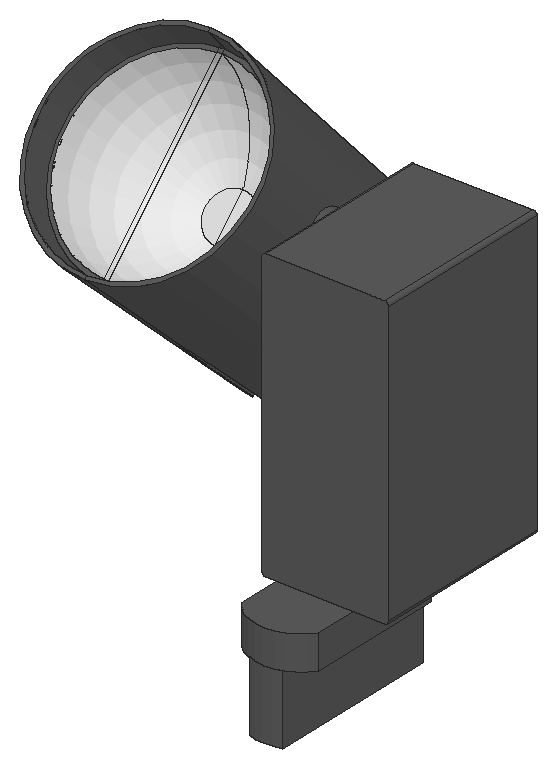
Revit family "0004837 Feilo Sylvania Lighting Fixture START TRACK SPOT S 14W 3K RA80 WB BLACK", category Lighting Fixtures, host Face, Revit 2017
Family settings
  Host = Face
  Round Connector Dimension = Use Diameter
  Part Type = Normal
  OmniClass Number = 23.80.70.00
  OmniClass Title = Lighting
  Cut with Voids When Loaded = No
  Light Source = No
  Shared = No
  Room Calculation Point = No
Parameters (values of type "0004837 START TRACK SPOT S 14W 3K RA80 WB BLACK")
  Weight = "0.94 kg"
  Wattage Comments = ""
  WarrantyStartDate [instance] = "n/a"
  WarrantyGuarantorParts = "n/a"
  WarrantyDurationUnit = "n/a"
  WarrantyDurationParts = "n/a"
  WarrantyDescription = "n/a"
  Voltage = 230 V
  URL = "http://www.sylvania-lighting.com"
  TypeName = "START TRACK SPOT S 14W 3K RA80 WB BLACK"
  TypeHead_FEILO = Start Track Spot Head : 0004837 START TRACK SPOT S 14W 3K RA80 WB BLACK
  TypeBox_FEILO = Start Track Spot Box : Type Small Black
  Type Image = <None>
  Type Comments = "n/a"
  VerticalRotation_FEILO [instance] = 0.00°
  SlideEndAngle_FEILO [instance] = VerticalRotation_FEILO + 180.00°  # 180.00°
  SerialNumber [instance] = "n/a"
  Material_3_FEILO = none
  PowerFactor = 0.92
  PowerConsumption = "14 W"
  NominalLength = 0 mm
  NominalHeight = 200 mm
  NominalDepth = 140 mm
  Name = "START TRACK SPOT S 14W 3K RA80 WB BLACK"
  ModelReference = Name  # "START TRACK SPOT S 14W 3K RA80 WB BLACK"
  ModelNumber = "0004837"
  Model = Name  # "START TRACK SPOT S 14W 3K RA80 WB BLACK"
  Material = "adc12 aluminium housing, polycarbonate diffuser"
  ManufacturerName = "Feilo Sylvania"
  Manufacturer = "Feilo Sylvania"
  LuminousEfficacy = "107 lm/W"
  LuminaireType = ""
  LightOutputRatio = "100"
  LampsType = Lamp  # "LED"
  LampNominalLuminous = "1498 lm"
  LampMacAdamStep = "3"
  LampColourTemperature = "3000 K"
  LampColourRenderingIndex = "80"
  Lamp = "LED"
  Keynote = "16500"
  InstallationDate [instance] = "n/a"
  InputVoltage = "230-240V~"
  InputNominalFrequency = "50/60 Hz"
  IngressProtection = "IP20"
  ImpactProtectionIndex = "IK02"
  IfcExportType = "IfcLightFixtureType"
  IfcExportAs = "IfcLightFixtureType"
  HorizontalRotation_FEILO [instance] = 45.00°
  ExpectedLife = 50000
  ElectricShockClassification = "Class II"
  DurationUnit = "hours"
  DocumentationLiterature = "http://www.sylvania-lighting.com/product/en-int/products/0004837"
  DimmingControlOptions = "Non dimmable"
  Material_2_FEILO = none
  Description = "Integrated LED spotlight, Textured Black - RAL9005, compact and minimalist design, ideal for retail applications, die-cast aluminium body, passive cooling heatsink. Beam angle: 64°, color temperature: 3000K , total system power: 14W, total fixture output: 1498 lm, LOR: 100%, colour rendering: Ra: 80 typical, LED Chromaticity: 3 step MacAdam ellipse, lifetime: >50000 hours at L70B50, energy class: A++, A+, A, IR/UV free light source without heat radiation, operating voltage: 220-240V / 50-60Hz, drive current: 350mA, electronic driver, non-dimmable, power factor: 0.92, electrical protection: Class II, Global Track 3 Phase adapter suitable for Global trac 3-circuit tracks, ingress protection rating: IP20, suitable for internal environment only, horizontal rotation: 355°, vertical tilt: 90°, dimensions: Ø86x140x200, weight: 0.940kg."
  Default Elevation = 1219.2 mm
  CreatedOn = "12/12/2017"
  CreatedBy = ""
  Cost = 0
  built-in parameter 1114216 [instance] = (empty or 0)
  ClassificationValue = "EF_70_80"
  ClassificationName = "Uniclass2015"
  Material_1_FEILO = Body-Sylvania-StartTrackSpot-Black
  BarCode [instance] = "n/a"
  AssetType = "Fixed"
  AssetIdentifier [instance] = "n/a"
  Assembly Code = "D5020200"
  Apparent Load = 14 VA
  Material_4_FEILO = none
Reference planes
  plane 1 "Center (Front/Back)": y = 0
  plane 2: z = 0
  plane 3 "Center (Left/Right)": x = 0
  plane 4: x = 15
  plane 5: x = -15
  plane 6: y = 35
  plane 7: y = -35
  plane 8: z = 13
  plane 9: z = -27
  plane 10: x = 6.5
  plane 11: x = -6.5
  plane 12: y = 27
  plane 13: y = -27
  plane 14: y = 20
Forms (mm)
  Extrusion 1, solid, material "Body-Sylvania-StartTrackSpot-Black" <- "Material_1_FEILO"
    sketch origin (0, 0, 0) x (1, 0, 0) y (0, 1, 0)
      loop
        line (-15, 27) -> (-15, -27)
        arc (-15, -27) -> (0, -35) -> (15, -27) r 18.062
        line (15, -27) -> (15, 27)
        arc (15, 27) -> (0, 35) -> (-15, 27) r 18.062
    from 0 to 13
  Extrusion 2, solid, material "Body-Sylvania-StartTrackSpot-Black" <- "Material_1_FEILO"
    sketch origin (0, 0, 0) x (1, 0, 0) y (0, 1, 0)
      loop
        arc (6.5, 33.79) -> (0, 35) -> (-6.5, 33.79) r 18.062
        line (-6.5, 33.79) -> (-6.5, -33.79)
        arc (-6.5, -33.79) -> (0, -35) -> (6.5, -33.79) r 18.062
        line (6.5, -33.79) -> (6.5, 33.79)
    from 0 to -27
  Revolve 3, solid, not visible
    sketch origin (1524, 20, 1219.2) x (1, 0, 0) y (0, 0, 1)
      loop
        line (-1524, -1206.2) -> (-1524, -1191.285) -> (-1530.5, -1191.285) -> (-1530.5, -1206.2) -> (-1524, -1206.2)
      axis (-1524, -1191.285) -> (-1524, -1206.2)
    angle from 0 <- "VerticalRotation_FEILO" to 180 <- "SlideEndAngle_FEILO"
Cuts and joins
  joined: Extrusion 1, Extrusion 2
Dimensions and locks
  equal spacing: plane 10, plane 3 "Center (Left/Right)", plane 11
  equal spacing: plane 4, plane 3 "Center (Left/Right)", plane 5
  locked: plane 8 to plane 2 at 13
  locked: plane 8 to plane 9 at 40
  equal spacing: plane 13, plane 1 "Center (Front/Back)", plane 12
  locked: plane 12 to plane 6 at 8
  locked: plane 14 to plane 6 at 15
  locked: Revolve 3 sketch curve to plane 8 at 14.915
  aligned and locked: plane 2 to host face
  aligned and locked: level to host face
  aligned and locked: plane 5 to Extrusion 1 sketch curve  (x2)
  aligned and locked: plane 12 to Extrusion 1 sketch curve
  aligned and locked: plane 13 to Extrusion 1 sketch curve
  aligned and locked: plane 4 to Extrusion 1 sketch curve
  aligned and locked: Extrusion 1 to plane 8
  aligned and locked: Extrusion 1 to level
  aligned and locked: Extrusion 2 sketch curve to Extrusion 1  (x2)
  aligned and locked: Extrusion 2 sketch curve to plane 11
  aligned and locked: plane 10 to Extrusion 2 sketch curve
  aligned and locked: plane 9 to Extrusion 2
  aligned and locked: level to Extrusion 2
  aligned and locked: Revolve 3 sketch curve to plane 3 "Center (Left/Right)"  (x2)
  aligned and locked: plane 11 to Revolve 3 sketch curve
  aligned and locked: Revolve 3 sketch curve to plane 8
Automatic sketch dimensions
  host sketch curve to host sketch curve = 2438.4 mm  (x2)
  Extrusion 1 sketch curve to plane 3 "Center (Left/Right)" = 0 mm  (x2)
  Extrusion 1 sketch curve to plane 13 = 10.062 mm
  plane 12 to Extrusion 1 sketch curve = 10.062 mm
  Revolve 3 sketch curve to plane 3 "Center (Left/Right)" = 0 mm
  plane 9 to Revolve 3 sketch curve = 582.6 mm
  Revolve 3 sketch curve to Revolve 3 sketch curve = 2581.144 mm
Nested families
  nested 1: "Start Track Spot Head" at (-62, 20, 112.529) x (0, 0.7071, 0.7071) z (0, 0.7071, -0.7071), type <- "TypeHead_FEILO", type "0004837 START TRACK SPOT S 14W 3K RA80 WB BLACK"
    with built-in parameter 1114216 (empty or 0)
  nested 2: "Start Track Spot Box" at (8.5, 20, 73) x (-1, 0, 0) z (0, -1, 0), BoxStartAngle_FEILO <- "HorizontalRotation_FEILO", type <- "TypeBox_FEILO", type "Type Small Black"
    with BoxStartAngle_FEILO 45.00°, BoxEndAngle_FEILO -135.00°
Connectors
  electrical at (0, 0, 0), driven by "Apparent Load", driven by "PowerFactor", driven by "Voltage"
    settings: index 1, voltage 230 V, apparent load 14 VA, apparent load phase1 0 VA, apparent load phase2 0 VA, apparent load phase3 0 VA, power factor 0.92, load classification "Lighting", number of poles 1, system type 30, power factor state 1, is connector primary yes, connector utility no, sub classification motor no, connector description ""
Definition of nested family "Start Track Spot Head"
  Parameters (values of type "0004811 START TRACK SPOT S 14W 3K RA80 NB WHITE")
    Wattage Comments = "n/a"
    Wattage = 14 W
    built-in parameter 1150110 = 1 (stored number, unit not read)
    URL = "http://www.feilosylvania.com"
    Type Image = (empty or 0)
    Type Comments = "n/a"
    built-in parameter 1114217 = 1 (stored number, unit not read)
    Tilt Angle = -90.00°
    built-in parameter 1150109 = 1 (stored number, unit not read)
    built-in parameter 1150134 = (empty or 0)
    built-in parameter 1150113 = 1 (stored number, unit not read)
    Photometric Web File = "0004811.ies"
    Material_3_FEILO = none
    Model = "START TRACK SPOT S 14W 3K RA80 NB WHITE"
    Manufacturer = "Feilo Sylvania"
    built-in parameter 1150105 = 123.66 (stored number, unit not read)
    Lumens = 1554 lm
    built-in parameter 1150115 = 1 (stored number, unit not read)
    built-in parameter 1150137 = (empty or 0)
    built-in parameter 1150139 = (empty or 0)
    built-in parameter 1150112 = 1 (stored number, unit not read)
    built-in parameter 1150114 = 1 (stored number, unit not read)
    Lamp = "LED"
    Keynote = "16500"
    Material_2_FEILO = none
    built-in parameter 1150132 = (empty or 0)
    built-in parameter 1150102 = (empty or 0)
    built-in parameter 1150107 = 3000 (stored number, unit not read)
    built-in parameter 1150138 = (empty or 0)
    built-in parameter 1150106 = 1.2366 (stored number, unit not read)
    HeadThickness_FEILO = if(HeadDiaOut_FEILO > 112 mm, 2 mm, 1.5 mm)  # 1.5 mm
    HeadRibOffset_FEILO = HeadHeight_FEILO / 28  # 4.179 mm
    HeadRibDepth_FEILO = HeadHeight_FEILO / 2.1  # 55.714 mm
    HeadRibCutWidth_FEILO = HeadDiaOut_FEILO / 12  # 7.167 mm
    HeadRibCutOffset_FEILO = HeadHeight_FEILO / 2.3  # 50.87 mm
    HeadReflectorRadius_FEILO = HeadDiaOut_FEILO / 1.7  # 50.588 mm
    HeadReflectorOffset_FEILO = HeadHeight_FEILO / 2.1  # 55.714 mm
    HeadLEDRadius_FEILO = HeadDiaOut_FEILO / 9  # 9.556 mm
    HeadHeight_FEILO = 117 mm
    HeadDraft_FEILO = 1 mm
    HeadDiffusorThickness_FEILO = 3 mm
    HeadDiffusorOffset_FEILO = HeadHeight_FEILO / 12.4  # 9.435 mm
    HeadDiaOut_FEILO = 86 mm
    HeadDiaIn_FEILO = HeadDiaOut_FEILO / 1.11  # 77.477 mm
    HeadAxisFromTop_FEILO = HeadHeight_FEILO / 1.687  # 69.354 mm
    Emit from Circle Diameter = HeadDiaIn_FEILO  # 77.477 mm
    Emit Shape Visible in Rendering = no
    built-in parameter 1150104 = 10.312 (stored number, unit not read)
    Dimming Lamp Color Temperature Shift = (empty or 0)
    Description = "Integrated LED spotlight, Textured White - RAL9016, compact and minimalist design, ideal for retail applications, die-cast aluminium body, passive cooling heatsink. Beam angle: 12°, color temperature: 3000K , total system power: 14W, total fixture output: 1551 lm, LOR: 100%, colour rendering: Ra: 80 typical, LED Chromaticity: 3 step MacAdam ellipse, lifetime: >50000 hours at L70B50, energy class: A++, A+, A, IR/UV free light source without heat radiation, operating voltage: 220-240V / 50-60Hz, drive current: 350mA, electronic driver, non-dimmable, power factor: 0.92, electrical protection: Class II, Global Track 3 Phase adapter suitable for Global trac 3-circuit tracks, ingress protection rating: IP20, suitable for internal environment only, horizontal rotation: 355°, vertical tilt: 90°, dimensions: Ø86x140x200, weight: 0.940kg."
    Default Elevation = 1219.2 mm
    Cost = 0
    Color Filter = 16777215
    built-in parameter 1114216 [instance] = (empty or 0)
    Material_1_FEILO = none
    built-in parameter 1114218 = 1 (stored number, unit not read)
    built-in parameter 1150133 = 10 (stored number, unit not read)
    Assembly Code = "D5020200"
    Apparent Load = 14 VA
    Material_4_FEILO = none
  Types (96, lengths in mm): name | Wattage | built-in parameter 1150134 | Photometric Web File | Model | built-in parameter 1150105 | Lumens | built-in parameter 1150107 | built-in parameter 1150106 | HeadThickness_FEILO | HeadRibOffset_FEILO | HeadRibDepth_FEILO | HeadRibCutWidth_FEILO | HeadRibCutOffset_FEILO | HeadReflectorRadius_FEILO | HeadReflectorOffset_FEILO | HeadLEDRadius_FEILO | HeadHeight_FEILO | HeadDiffusorOffset_FEILO | HeadDiaOut_FEILO | HeadDiaIn_FEILO | HeadAxisFromTop_FEILO | Emit from Circle Diameter | built-in parameter 1150104 | Description | Apparent Load
    0004906 START TRACK SPOT L 55W 4K RA90 WB BLACK | 55 W | 12 | "0004906.ies" | "START TRACK SPOT L 55W 4K RA90 WB BLACK" | 385.15 (stored number, unit not read) | 4840 lm | 4000 (stored number, unit not read) | 3.8515 (stored number, unit not read) | 2 | 4.429 | 59.048 | 9.417 | 53.913 | 66.471 | 59.048 | 12.556 | 124 | 10 | 113 | 101.802 | 73.503 | 101.802 | 8.1755 (stored number, unit not read) | "Integrated LED spotlight, Textured Black - RAL9005, compact and minimalist design, ideal for retail applications, die-cast aluminium body, passive cooling heatsink. Beam angle: 52°, color temperature: 4000K , total system power: 55W, total fixture output: 4824 lm, LOR: 100%, colour rendering: Ra: 90 typical, LED Chromaticity: 3 step MacAdam ellipse, lifetime: >50000 hours at L70B50, energy class: A++, A+, A, IR/UV free light source without heat radiation, operating voltage: 220-240V / 50-60Hz, drive current: 1400mA, electronic driver, non-dimmable, power factor: 0.96, electrical protection: Class II, Global Track 3 Phase adapter suitable for Global trac 3-circuit tracks, ingress protection rating: IP20, suitable for internal environment only, horizontal rotation: 355°, vertical tilt: 90°, dimensions: Ø113x164x240, weight: 1.398kg." | 55 VA
    0004905 START TRACK SPOT L 55W 4K RA90 MB BLACK | 55 W | 12 | "0004905.ies" | "START TRACK SPOT L 55W 4K RA90 MB BLACK" | 389.53 (stored number, unit not read) | 4895 lm | 4000 (stored number, unit not read) | 3.8953 (stored number, unit not read) | 2 | 4.429 | 59.048 | 9.417 | 53.913 | 66.471 | 59.048 | 12.556 | 124 | 10 | 113 | 101.802 | 73.503 | 101.802 | 8.2684 (stored number, unit not read) | "Integrated LED spotlight, Textured Black - RAL9005, compact and minimalist design, ideal for retail applications, die-cast aluminium body, passive cooling heatsink. Beam angle: 38°, color temperature: 4000K , total system power: 55W, total fixture output: 4897 lm, LOR: 100%, colour rendering: Ra: 90 typical, LED Chromaticity: 3 step MacAdam ellipse, lifetime: >50000 hours at L70B50, energy class: A++, A+, A, IR/UV free light source without heat radiation, operating voltage: 220-240V / 50-60Hz, drive current: 1400mA, electronic driver, non-dimmable, power factor: 0.96, electrical protection: Class II, Global Track 3 Phase adapter suitable for Global trac 3-circuit tracks, ingress protection rating: IP20, suitable for internal environment only, horizontal rotation: 355°, vertical tilt: 90°, dimensions: Ø113x164x240, weight: 1.398kg." | 55 VA
    0004904 START TRACK SPOT L 55W 4K RA90 NB BLACK | 55 W | 12 | "0004904.ies" | "START TRACK SPOT L 55W 4K RA90 NB BLACK" | 393.91 (stored number, unit not read) | 4950 lm | 4000 (stored number, unit not read) | 3.9391 (stored number, unit not read) | 2 | 4.429 | 59.048 | 9.417 | 53.913 | 66.471 | 59.048 | 12.556 | 124 | 10 | 113 | 101.802 | 73.503 | 101.802 | 8.3613 (stored number, unit not read) | "Integrated LED spotlight, Textured Black - RAL9005, compact and minimalist design, ideal for retail applications, die-cast aluminium body, passive cooling heatsink. Beam angle: 15°, color temperature: 4000K , total system power: 55W, total fixture output: 4965 lm, LOR: 100%, colour rendering: Ra: 90 typical, LED Chromaticity: 3 step MacAdam ellipse, lifetime: >50000 hours at L70B50, energy class: A++, A+, A, IR/UV free light source without heat radiation, operating voltage: 220-240V / 50-60Hz, drive current: 1400mA, electronic driver, non-dimmable, power factor: 0.96, electrical protection: Class II, Global Track 3 Phase adapter suitable for Global trac 3-circuit tracks, ingress protection rating: IP20, suitable for internal environment only, horizontal rotation: 355°, vertical tilt: 90°, dimensions: Ø113x164x240, weight: 1.398kg." | 55 VA
    0004903 START TRACK SPOT L 35W 4K RA90 WB BLACK | 35 W | 12 | "0004903.ies" | "START TRACK SPOT L 35W 4K RA90 WB BLACK" | 284.09 (stored number, unit not read) | 3570 lm | 4000 (stored number, unit not read) | 2.8409 (stored number, unit not read) | 2 | 4.429 | 59.048 | 9.417 | 53.913 | 66.471 | 59.048 | 12.556 | 124 | 10 | 113 | 101.802 | 73.503 | 101.802 | 9.4761 (stored number, unit not read) | "Integrated LED spotlight, Textured Black - RAL9005, compact and minimalist design, ideal for retail applications, die-cast aluminium body, passive cooling heatsink. Beam angle: 52°, color temperature: 4000K , total system power: 35W, total fixture output: 3562 lm, LOR: 100%, colour rendering: Ra: 90 typical, LED Chromaticity: 3 step MacAdam ellipse, lifetime: >50000 hours at L70B50, energy class: A++, A+, A, IR/UV free light source without heat radiation, operating voltage: 220-240V / 50-60Hz, drive current: 900mA, electronic driver, non-dimmable, power factor: 0.93, electrical protection: Class II, Global Track 3 Phase adapter suitable for Global trac 3-circuit tracks, ingress protection rating: IP20, suitable for internal environment only, horizontal rotation: 355°, vertical tilt: 90°, dimensions: Ø113x164x240, weight: 1.368kg." | 35 VA
    0004902 START TRACK SPOT L 35W 4K RA90 MB BLACK | 35 W | 12 | "0004902.ies" | "START TRACK SPOT L 35W 4K RA90 MB BLACK" | 286.88 (stored number, unit not read) | 3605 lm | 4000 (stored number, unit not read) | 2.8688 (stored number, unit not read) | 2 | 4.429 | 59.048 | 9.417 | 53.913 | 66.471 | 59.048 | 12.556 | 124 | 10 | 113 | 101.802 | 73.503 | 101.802 | 9.569 (stored number, unit not read) | "Integrated LED spotlight, Textured Black - RAL9005, compact and minimalist design, ideal for retail applications, die-cast aluminium body, passive cooling heatsink. Beam angle: 38°, color temperature: 4000K , total system power: 35W, total fixture output: 3616 lm, LOR: 100%, colour rendering: Ra: 90 typical, LED Chromaticity: 3 step MacAdam ellipse, lifetime: >50000 hours at L70B50, energy class: A++, A+, A, IR/UV free light source without heat radiation, operating voltage: 220-240V / 50-60Hz, drive current: 900mA, electronic driver, non-dimmable, power factor: 0.93, electrical protection: Class II, Global Track 3 Phase adapter suitable for Global trac 3-circuit tracks, ingress protection rating: IP20, suitable for internal environment only, horizontal rotation: 355°, vertical tilt: 90°, dimensions: Ø113x164x240, weight: 1.368kg." | 35 VA
    0004901 START TRACK SPOT L 35W 4K RA90 NB BLACK | 35 W | 12 | "0004901.ies" | "START TRACK SPOT L 35W 4K RA90 NB BLACK" | 286.88 (stored number, unit not read) | 3605 lm | 4000 (stored number, unit not read) | 2.8688 (stored number, unit not read) | 2 | 4.429 | 59.048 | 9.417 | 53.913 | 66.471 | 59.048 | 12.556 | 124 | 10 | 113 | 101.802 | 73.503 | 101.802 | 9.569 (stored number, unit not read) | "Integrated LED spotlight, Textured Black - RAL9005, compact and minimalist design, ideal for retail applications, die-cast aluminium body, passive cooling heatsink. Beam angle: 15°, color temperature: 4000K , total system power: 35W, total fixture output: 3593 lm, LOR: 100%, colour rendering: Ra: 90 typical, LED Chromaticity: 3 step MacAdam ellipse, lifetime: >50000 hours at L70B50, energy class: A++, A+, A, IR/UV free light source without heat radiation, operating voltage: 220-240V / 50-60Hz, drive current: 900mA, electronic driver, non-dimmable, power factor: 0.93, electrical protection: Class II, Global Track 3 Phase adapter suitable for Global trac 3-circuit tracks, ingress protection rating: IP20, suitable for internal environment only, horizontal rotation: 355°, vertical tilt: 90°, dimensions: Ø113x164x240, weight: 1.368kg." | 35 VA
    0004900 START TRACK SPOT S 24W 4K RA90 WB BLACK | 24 W | 12 | "0004900.ies" | "START TRACK SPOT S 24W 4K RA90 WB BLACK" | 166.16 (stored number, unit not read) | 2088 lm | 4000 (stored number, unit not read) | 1.6616 (stored number, unit not read) | 1.5 | 4.179 | 55.714 | 7.167 | 50.87 | 50.588 | 55.714 | 9.556 | 117 | 9.435 | 86 | 77.477 | 69.354 | 77.477 | 8.0826 (stored number, unit not read) | "Integrated LED spotlight, Textured Black - RAL9005, compact and minimalist design, ideal for retail applications, die-cast aluminium body, passive cooling heatsink. Beam angle: 64°, color temperature: 4000K , total system power: 24W, total fixture output: 2087 lm, LOR: 100%, colour rendering: Ra: 90 typical, LED Chromaticity: 3 step MacAdam ellipse, lifetime: >50000 hours at L70B50, energy class: A++, A+, A, IR/UV free light source without heat radiation, operating voltage: 220-240V / 50-60Hz, drive current: 600mA, electronic driver, non-dimmable, power factor: 0.95, electrical protection: Class II, Global Track 3 Phase adapter suitable for Global trac 3-circuit tracks, ingress protection rating: IP20, suitable for internal environment only, horizontal rotation: 355°, vertical tilt: 90°, dimensions: Ø86x140x200, weight: 0.966kg." | 24 VA
    0004899 START TRACK SPOT S 24W 4K RA90 MB BLACK | 24 W | 12 | "0004899.ies" | "START TRACK SPOT S 24W 4K RA90 MB BLACK" | 169.98 (stored number, unit not read) | 2136 lm | 4000 (stored number, unit not read) | 1.6998 (stored number, unit not read) | 1.5 | 4.179 | 55.714 | 7.167 | 50.87 | 50.588 | 55.714 | 9.556 | 117 | 9.435 | 86 | 77.477 | 69.354 | 77.477 | 8.2684 (stored number, unit not read) | "Integrated LED spotlight, Textured Black - RAL9005, compact and minimalist design, ideal for retail applications, die-cast aluminium body, passive cooling heatsink. Beam angle: 36°, color temperature: 4000K , total system power: 24W, total fixture output: 2141 lm, LOR: 100%, colour rendering: Ra: 90 typical, LED Chromaticity: 3 step MacAdam ellipse, lifetime: >50000 hours at L70B50, energy class: A++, A+, A, IR/UV free light source without heat radiation, operating voltage: 220-240V / 50-60Hz, drive current: 600mA, electronic driver, non-dimmable, power factor: 0.95, electrical protection: Class II, Global Track 3 Phase adapter suitable for Global trac 3-circuit tracks, ingress protection rating: IP20, suitable for internal environment only, horizontal rotation: 355°, vertical tilt: 90°, dimensions: Ø86x140x200, weight: 0.966kg." | 24 VA
    0004898 START TRACK SPOT S 24W 4K RA90 NB BLACK | 24 W | 12 | "0004898.ies" | "START TRACK SPOT S 24W 4K RA90 NB BLACK" | 171.89 (stored number, unit not read) | 2160 lm | 4000 (stored number, unit not read) | 1.7189 (stored number, unit not read) | 1.5 | 4.179 | 55.714 | 7.167 | 50.87 | 50.588 | 55.714 | 9.556 | 117 | 9.435 | 86 | 77.477 | 69.354 | 77.477 | 8.3613 (stored number, unit not read) | "Integrated LED spotlight, Textured Black - RAL9005, compact and minimalist design, ideal for retail applications, die-cast aluminium body, passive cooling heatsink. Beam angle: 12°, color temperature: 4000K , total system power: 24W, total fixture output: 2155 lm, LOR: 100%, colour rendering: Ra: 90 typical, LED Chromaticity: 3 step MacAdam ellipse, lifetime: >50000 hours at L70B50, energy class: A++, A+, A, IR/UV free light source without heat radiation, operating voltage: 220-240V / 50-60Hz, drive current: 600mA, electronic driver, non-dimmable, power factor: 0.95, electrical protection: Class II, Global Track 3 Phase adapter suitable for Global trac 3-circuit tracks, ingress protection rating: IP20, suitable for internal environment only, horizontal rotation: 355°, vertical tilt: 90°, dimensions: Ø86x140x200, weight: 0.966kg." | 24 VA
    0004897 START TRACK SPOT S 14W 4K RA90 WB BLACK | 14 W | 12 | "0004897.ies" | "START TRACK SPOT S 14W 4K RA90 WB BLACK" | 108.07 (stored number, unit not read) | 1358 lm | 4000 (stored number, unit not read) | 1.0807 (stored number, unit not read) | 1.5 | 4.179 | 55.714 | 7.167 | 50.87 | 50.588 | 55.714 | 9.556 | 117 | 9.435 | 86 | 77.477 | 69.354 | 77.477 | 9.0116 (stored number, unit not read) | "Integrated LED spotlight, Textured Black - RAL9005, compact and minimalist design, ideal for retail applications, die-cast aluminium body, passive cooling heatsink. Beam angle: 64°, color temperature: 4000K , total system power: 14W, total fixture output: 1352 lm, LOR: 100%, colour rendering: Ra: 90 typical, LED Chromaticity: 3 step MacAdam ellipse, lifetime: >50000 hours at L70B50, energy class: A++, A+, A, IR/UV free light source without heat radiation, operating voltage: 220-240V / 50-60Hz, drive current: 350mA, electronic driver, non-dimmable, power factor: 0.92, electrical protection: Class II, Global Track 3 Phase adapter suitable for Global trac 3-circuit tracks, ingress protection rating: IP20, suitable for internal environment only, horizontal rotation: 355°, vertical tilt: 90°, dimensions: Ø86x140x200, weight: 0.940kg." | 14 VA
    0004896 START TRACK SPOT S 14W 4K RA90 MB BLACK | 14 W | 12 | "0004896.ies" | "START TRACK SPOT S 14W 4K RA90 MB BLACK" | 108.07 (stored number, unit not read) | 1358 lm | 4000 (stored number, unit not read) | 1.0807 (stored number, unit not read) | 1.5 | 4.179 | 55.714 | 7.167 | 50.87 | 50.588 | 55.714 | 9.556 | 117 | 9.435 | 86 | 77.477 | 69.354 | 77.477 | 9.0116 (stored number, unit not read) | "Integrated LED spotlight, Textured Black - RAL9005, compact and minimalist design, ideal for retail applications, die-cast aluminium body, passive cooling heatsink. Beam angle: 36°, color temperature: 4000K , total system power: 14W, total fixture output: 1359 lm, LOR: 100%, colour rendering: Ra: 90 typical, LED Chromaticity: 3 step MacAdam ellipse, lifetime: >50000 hours at L70B50, energy class: A++, A+, A, IR/UV free light source without heat radiation, operating voltage: 220-240V / 50-60Hz, drive current: 350mA, electronic driver, non-dimmable, power factor: 0.92, electrical protection: Class II, Global Track 3 Phase adapter suitable for Global trac 3-circuit tracks, ingress protection rating: IP20, suitable for internal environment only, horizontal rotation: 355°, vertical tilt: 90°, dimensions: Ø86x140x200, weight: 0.940kg." | 14 VA
    0004895 START TRACK SPOT S 14W 4K RA90 NB BLACK | 14 W | 12 | "0004895.ies" | "START TRACK SPOT S 14W 4K RA90 NB BLACK" | 106.95 (stored number, unit not read) | 1344 lm | 4000 (stored number, unit not read) | 1.0695 (stored number, unit not read) | 1.5 | 4.179 | 55.714 | 7.167 | 50.87 | 50.588 | 55.714 | 9.556 | 117 | 9.435 | 86 | 77.477 | 69.354 | 77.477 | 8.9187 (stored number, unit not read) | "Integrated LED spotlight, Textured Black - RAL9005, compact and minimalist design, ideal for retail applications, die-cast aluminium body, passive cooling heatsink. Beam angle: 12°, color temperature: 4000K , total system power: 14W, total fixture output: 1349 lm, LOR: 100%, colour rendering: Ra: 90 typical, LED Chromaticity: 3 step MacAdam ellipse, lifetime: >50000 hours at L70B50, energy class: A++, A+, A, IR/UV free light source without heat radiation, operating voltage: 220-240V / 50-60Hz, drive current: 350mA, electronic driver, non-dimmable, power factor: 0.92, electrical protection: Class II, Global Track 3 Phase adapter suitable for Global trac 3-circuit tracks, ingress protection rating: IP20, suitable for internal environment only, horizontal rotation: 355°, vertical tilt: 90°, dimensions: Ø86x140x200, weight: 0.940kg." | 14 VA
    0004894 START TRACK SPOT L 55W 3K RA90 WB BLACK | 55 W | (empty or 0) | "0004894.ies" | "START TRACK SPOT L 55W 3K RA90 WB BLACK" | 350.14 (stored number, unit not read) | 4400 lm | 3000 (stored number, unit not read) | 3.5014 (stored number, unit not read) | 2 | 4.429 | 59.048 | 9.417 | 53.913 | 66.471 | 59.048 | 12.556 | 124 | 10 | 113 | 101.802 | 73.503 | 101.802 | 7.4322 (stored number, unit not read) | "Integrated LED spotlight, Textured Black - RAL9005, compact and minimalist design, ideal for retail applications, die-cast aluminium body, passive cooling heatsink. Beam angle: 52°, color temperature: 3000K , total system power: 55W, total fixture output: 4405 lm, LOR: 100%, colour rendering: Ra: 90 typical, LED Chromaticity: 3 step MacAdam ellipse, lifetime: >50000 hours at L70B50, energy class: A++, A+, A, IR/UV free light source without heat radiation, operating voltage: 220-240V / 50-60Hz, drive current: 1400mA, electronic driver, non-dimmable, power factor: 0.96, electrical protection: Class II, Global Track 3 Phase adapter suitable for Global trac 3-circuit tracks, ingress protection rating: IP20, suitable for internal environment only, horizontal rotation: 355°, vertical tilt: 90°, dimensions: Ø113x164x240, weight: 1.398kg." | 55 VA
    0004893 START TRACK SPOT L 55W 3K RA90 MB BLACK | 55 W | (empty or 0) | "0004893.ies" | "START TRACK SPOT L 55W 3K RA90 MB BLACK" | 354.52 (stored number, unit not read) | 4455 lm | 3000 (stored number, unit not read) | 3.5452 (stored number, unit not read) | 2 | 4.429 | 59.048 | 9.417 | 53.913 | 66.471 | 59.048 | 12.556 | 124 | 10 | 113 | 101.802 | 73.503 | 101.802 | 7.5251 (stored number, unit not read) | "Integrated LED spotlight, Textured Black - RAL9005, compact and minimalist design, ideal for retail applications, die-cast aluminium body, passive cooling heatsink. Beam angle: 38°, color temperature: 3000K , total system power: 55W, total fixture output: 4448 lm, LOR: 100%, colour rendering: Ra: 90 typical, LED Chromaticity: 3 step MacAdam ellipse, lifetime: >50000 hours at L70B50, energy class: A++, A+, A, IR/UV free light source without heat radiation, operating voltage: 220-240V / 50-60Hz, drive current: 1400mA, electronic driver, non-dimmable, power factor: 0.96, electrical protection: Class II, Global Track 3 Phase adapter suitable for Global trac 3-circuit tracks, ingress protection rating: IP20, suitable for internal environment only, horizontal rotation: 355°, vertical tilt: 90°, dimensions: Ø113x164x240, weight: 1.398kg." | 55 VA
    0004892 START TRACK SPOT L 55W 3K RA90 NB BLACK | 55 W | (empty or 0) | "0004892.ies" | "START TRACK SPOT L 55W 3K RA90 NB BLACK" | 350.14 (stored number, unit not read) | 4400 lm | 3000 (stored number, unit not read) | 3.5014 (stored number, unit not read) | 2 | 4.429 | 59.048 | 9.417 | 53.913 | 66.471 | 59.048 | 12.556 | 124 | 10 | 113 | 101.802 | 73.503 | 101.802 | 7.4322 (stored number, unit not read) | "Integrated LED spotlight, Textured Black - RAL9005, compact and minimalist design, ideal for retail applications, die-cast aluminium body, passive cooling heatsink. Beam angle: 15°, color temperature: 3000K , total system power: 55W, total fixture output: 4416 lm, LOR: 100%, colour rendering: Ra: 90 typical, LED Chromaticity: 3 step MacAdam ellipse, lifetime: >50000 hours at L70B50, energy class: A++, A+, A, IR/UV free light source without heat radiation, operating voltage: 220-240V / 50-60Hz, drive current: 1400mA, electronic driver, non-dimmable, power factor: 0.96, electrical protection: Class II, Global Track 3 Phase adapter suitable for Global trac 3-circuit tracks, ingress protection rating: IP20, suitable for internal environment only, horizontal rotation: 355°, vertical tilt: 90°, dimensions: Ø113x164x240, weight: 1.398kg." | 55 VA
    0004891 START TRACK SPOT L 35W 3K RA90 WB BLACK | 35 W | (empty or 0) | "0004891.ies" | "START TRACK SPOT L 35W 3K RA90 WB BLACK" | 259.02 (stored number, unit not read) | 3255 lm | 3000 (stored number, unit not read) | 2.5902 (stored number, unit not read) | 2 | 4.429 | 59.048 | 9.417 | 53.913 | 66.471 | 59.048 | 12.556 | 124 | 10 | 113 | 101.802 | 73.503 | 101.802 | 8.64 (stored number, unit not read) | "Integrated LED spotlight, Textured Black - RAL9005, compact and minimalist design, ideal for retail applications, die-cast aluminium body, passive cooling heatsink. Beam angle: 52°, color temperature: 3000K , total system power: 35W, total fixture output: 3260 lm, LOR: 100%, colour rendering: Ra: 90 typical, LED Chromaticity: 3 step MacAdam ellipse, lifetime: >50000 hours at L70B50, energy class: A++, A+, A, IR/UV free light source without heat radiation, operating voltage: 220-240V / 50-60Hz, drive current: 900mA, electronic driver, non-dimmable, power factor: 0.93, electrical protection: Class II, Global Track 3 Phase adapter suitable for Global trac 3-circuit tracks, ingress protection rating: IP20, suitable for internal environment only, horizontal rotation: 355°, vertical tilt: 90°, dimensions: Ø113x164x240, weight: 1.368kg." | 35 VA
    0004890 START TRACK SPOT L 35W 3K RA90 MB BLACK | 35 W | (empty or 0) | "0004890.ies" | "START TRACK SPOT L 35W 3K RA90 MB BLACK" | 261.81 (stored number, unit not read) | 3290 lm | 3000 (stored number, unit not read) | 2.6181 (stored number, unit not read) | 2 | 4.429 | 59.048 | 9.417 | 53.913 | 66.471 | 59.048 | 12.556 | 124 | 10 | 113 | 101.802 | 73.503 | 101.802 | 8.7329 (stored number, unit not read) | "Integrated LED spotlight, Textured Black - RAL9005, compact and minimalist design, ideal for retail applications, die-cast aluminium body, passive cooling heatsink. Beam angle: 38°, color temperature: 3000K , total system power: 35W, total fixture output: 3306 lm, LOR: 100%, colour rendering: Ra: 90 typical, LED Chromaticity: 3 step MacAdam ellipse, lifetime: >50000 hours at L70B50, energy class: A++, A+, A, IR/UV free light source without heat radiation, operating voltage: 220-240V / 50-60Hz, drive current: 900mA, electronic driver, non-dimmable, power factor: 0.93, electrical protection: Class II, Global Track 3 Phase adapter suitable for Global trac 3-circuit tracks, ingress protection rating: IP20, suitable for internal environment only, horizontal rotation: 355°, vertical tilt: 90°, dimensions: Ø113x164x240, weight: 1.368kg." | 35 VA
    0004889 START TRACK SPOT L 35W 3K RA90 NB BLACK | 35 W | (empty or 0) | "0004889.ies" | "START TRACK SPOT L 35W 3K RA90 NB BLACK" | 261.81 (stored number, unit not read) | 3290 lm | 3000 (stored number, unit not read) | 2.6181 (stored number, unit not read) | 2 | 4.429 | 59.048 | 9.417 | 53.913 | 66.471 | 59.048 | 12.556 | 124 | 10 | 113 | 101.802 | 73.503 | 101.802 | 8.7329 (stored number, unit not read) | "Integrated LED spotlight, Textured Black - RAL9005, compact and minimalist design, ideal for retail applications, die-cast aluminium body, passive cooling heatsink. Beam angle: 15°, color temperature: 3000K , total system power: 35W, total fixture output: 3287 lm, LOR: 100%, colour rendering: Ra: 90 typical, LED Chromaticity: 3 step MacAdam ellipse, lifetime: >50000 hours at L70B50, energy class: A++, A+, A, IR/UV free light source without heat radiation, operating voltage: 220-240V / 50-60Hz, drive current: 900mA, electronic driver, non-dimmable, power factor: 0.93, electrical protection: Class II, Global Track 3 Phase adapter suitable for Global trac 3-circuit tracks, ingress protection rating: IP20, suitable for internal environment only, horizontal rotation: 355°, vertical tilt: 90°, dimensions: Ø113x164x240, weight: 1.368kg." | 35 VA
    0004888 START TRACK SPOT S 24W 3K RA90 WB BLACK | 24 W | (empty or 0) | "0004888.ies" | "START TRACK SPOT S 24W 3K RA90 WB BLACK" | 152.79 (stored number, unit not read) | 1920 lm | 3000 (stored number, unit not read) | 1.5279 (stored number, unit not read) | 1.5 | 4.179 | 55.714 | 7.167 | 50.87 | 50.588 | 55.714 | 9.556 | 117 | 9.435 | 86 | 77.477 | 69.354 | 77.477 | 7.4322 (stored number, unit not read) | "Integrated LED spotlight, Textured Black - RAL9005, compact and minimalist design, ideal for retail applications, die-cast aluminium body, passive cooling heatsink. Beam angle: 64°, color temperature: 3000K , total system power: 24W, total fixture output: 1928 lm, LOR: 100%, colour rendering: Ra: 90 typical, LED Chromaticity: 3 step MacAdam ellipse, lifetime: >50000 hours at L70B50, energy class: A++, A+, A, IR/UV free light source without heat radiation, operating voltage: 220-240V / 50-60Hz, drive current: 600mA, electronic driver, non-dimmable, power factor: 0.95, electrical protection: Class II, Global Track 3 Phase adapter suitable for Global trac 3-circuit tracks, ingress protection rating: IP20, suitable for internal environment only, horizontal rotation: 355°, vertical tilt: 90°, dimensions: Ø86x140x200, weight: 0.966kg." | 24 VA
    0004887 START TRACK SPOT S 24W 3K RA90 MB BLACK | 24 W | (empty or 0) | "0004887.ies" | "START TRACK SPOT S 24W 3K RA90 MB BLACK" | 154.7 (stored number, unit not read) | 1944 lm | 3000 (stored number, unit not read) | 1.547 (stored number, unit not read) | 1.5 | 4.179 | 55.714 | 7.167 | 50.87 | 50.588 | 55.714 | 9.556 | 117 | 9.435 | 86 | 77.477 | 69.354 | 77.477 | 7.5251 (stored number, unit not read) | "Integrated LED spotlight, Textured Black - RAL9005, compact and minimalist design, ideal for retail applications, die-cast aluminium body, passive cooling heatsink. Beam angle: 36°, color temperature: 3000K , total system power: 24W, total fixture output: 1944 lm, LOR: 100%, colour rendering: Ra: 90 typical, LED Chromaticity: 3 step MacAdam ellipse, lifetime: >50000 hours at L70B50, energy class: A++, A+, A, IR/UV free light source without heat radiation, operating voltage: 220-240V / 50-60Hz, drive current: 600mA, electronic driver, non-dimmable, power factor: 0.95, electrical protection: Class II, Global Track 3 Phase adapter suitable for Global trac 3-circuit tracks, ingress protection rating: IP20, suitable for internal environment only, horizontal rotation: 355°, vertical tilt: 90°, dimensions: Ø86x140x200, weight: 0.966kg." | 24 VA
    0004886 START TRACK SPOT S 24W 3K RA90 NB BLACK | 24 W | (empty or 0) | "0004886.ies" | "START TRACK SPOT S 24W 3K RA90 NB BLACK" | 158.52 (stored number, unit not read) | 1992 lm | 3000 (stored number, unit not read) | 1.5852 (stored number, unit not read) | 1.5 | 4.179 | 55.714 | 7.167 | 50.87 | 50.588 | 55.714 | 9.556 | 117 | 9.435 | 86 | 77.477 | 69.354 | 77.477 | 7.711 (stored number, unit not read) | "Integrated LED spotlight, Textured Black - RAL9005, compact and minimalist design, ideal for retail applications, die-cast aluminium body, passive cooling heatsink. Beam angle: 12°, color temperature: 3000K , total system power: 24W, total fixture output: 1987 lm, LOR: 100%, colour rendering: Ra: 90 typical, LED Chromaticity: 3 step MacAdam ellipse, lifetime: >50000 hours at L70B50, energy class: A++, A+, A, IR/UV free light source without heat radiation, operating voltage: 220-240V / 50-60Hz, drive current: 600mA, electronic driver, non-dimmable, power factor: 0.95, electrical protection: Class II, Global Track 3 Phase adapter suitable for Global trac 3-circuit tracks, ingress protection rating: IP20, suitable for internal environment only, horizontal rotation: 355°, vertical tilt: 90°, dimensions: Ø86x140x200, weight: 0.966kg." | 24 VA
    0004885 START TRACK SPOT S 14W 3K RA90 WB BLACK | 14 W | (empty or 0) | "0004885.ies" | "START TRACK SPOT S 14W 3K RA90 WB BLACK" | 100.27 (stored number, unit not read) | 1260 lm | 3000 (stored number, unit not read) | 1.0027 (stored number, unit not read) | 1.5 | 4.179 | 55.714 | 7.167 | 50.87 | 50.588 | 55.714 | 9.556 | 117 | 9.435 | 86 | 77.477 | 69.354 | 77.477 | 8.3613 (stored number, unit not read) | "Integrated LED spotlight, Textured Black - RAL9005, compact and minimalist design, ideal for retail applications, die-cast aluminium body, passive cooling heatsink. Beam angle: 64°, color temperature: 3000K , total system power: 14W, total fixture output: 1262 lm, LOR: 100%, colour rendering: Ra: 90 typical, LED Chromaticity: 3 step MacAdam ellipse, lifetime: >50000 hours at L70B50, energy class: A++, A+, A, IR/UV free light source without heat radiation, operating voltage: 220-240V / 50-60Hz, drive current: 350mA, electronic driver, non-dimmable, power factor: 0.92, electrical protection: Class II, Global Track 3 Phase adapter suitable for Global trac 3-circuit tracks, ingress protection rating: IP20, suitable for internal environment only, horizontal rotation: 355°, vertical tilt: 90°, dimensions: Ø86x140x200, weight: 0.940kg." | 14 VA
    0004884 START TRACK SPOT S 14W 3K RA90 MB BLACK | 14 W | (empty or 0) | "0004884.ies" | "START TRACK SPOT S 14W 3K RA90 MB BLACK" | 100.27 (stored number, unit not read) | 1260 lm | 3000 (stored number, unit not read) | 1.0027 (stored number, unit not read) | 1.5 | 4.179 | 55.714 | 7.167 | 50.87 | 50.588 | 55.714 | 9.556 | 117 | 9.435 | 86 | 77.477 | 69.354 | 77.477 | 8.3613 (stored number, unit not read) | "Integrated LED spotlight, Textured Black - RAL9005, compact and minimalist design, ideal for retail applications, die-cast aluminium body, passive cooling heatsink. Beam angle: 36°, color temperature: 3000K , total system power: 14W, total fixture output: 1262 lm, LOR: 100%, colour rendering: Ra: 90 typical, LED Chromaticity: 3 step MacAdam ellipse, lifetime: >50000 hours at L70B50, energy class: A++, A+, A, IR/UV free light source without heat radiation, operating voltage: 220-240V / 50-60Hz, drive current: 350mA, electronic driver, non-dimmable, power factor: 0.92, electrical protection: Class II, Global Track 3 Phase adapter suitable for Global trac 3-circuit tracks, ingress protection rating: IP20, suitable for internal environment only, horizontal rotation: 355°, vertical tilt: 90°, dimensions: Ø86x140x200, weight: 0.940kg." | 14 VA
    0004883 START TRACK SPOT S 14W 3K RA90 NB BLACK | 14 W | (empty or 0) | "0004883.ies" | "START TRACK SPOT S 14W 3K RA90 NB BLACK" | 102.5 (stored number, unit not read) | 1288 lm | 3000 (stored number, unit not read) | 1.025 (stored number, unit not read) | 1.5 | 4.179 | 55.714 | 7.167 | 50.87 | 50.588 | 55.714 | 9.556 | 117 | 9.435 | 86 | 77.477 | 69.354 | 77.477 | 8.5471 (stored number, unit not read) | "Integrated LED spotlight, Textured Black - RAL9005, compact and minimalist design, ideal for retail applications, die-cast aluminium body, passive cooling heatsink. Beam angle: 12°, color temperature: 3000K , total system power: 14W, total fixture output: 1284 lm, LOR: 100%, colour rendering: Ra: 90 typical, LED Chromaticity: 3 step MacAdam ellipse, lifetime: >50000 hours at L70B50, energy class: A++, A+, A, IR/UV free light source without heat radiation, operating voltage: 220-240V / 50-60Hz, drive current: 350mA, electronic driver, non-dimmable, power factor: 0.92, electrical protection: Class II, Global Track 3 Phase adapter suitable for Global trac 3-circuit tracks, ingress protection rating: IP20, suitable for internal environment only, horizontal rotation: 355°, vertical tilt: 90°, dimensions: Ø86x140x200, weight: 0.940kg." | 14 VA
    0004882 START TRACK SPOT L 55W 4K RA90 WB WHITE | 55 W | 12 | "0004882.ies" | "START TRACK SPOT L 55W 4K RA90 WB WHITE" | 385.15 (stored number, unit not read) | 4840 lm | 4000 (stored number, unit not read) | 3.8515 (stored number, unit not read) | 2 | 4.429 | 59.048 | 9.417 | 53.913 | 66.471 | 59.048 | 12.556 | 124 | 10 | 113 | 101.802 | 73.503 | 101.802 | 8.1755 (stored number, unit not read) | "Integrated LED spotlight, Textured White - RAL9016, compact and minimalist design, ideal for retail applications, die-cast aluminium body, passive cooling heatsink. Beam angle: 52°, color temperature: 4000K , total system power: 55W, total fixture output: 4824 lm, LOR: 100%, colour rendering: Ra: 90 typical, LED Chromaticity: 3 step MacAdam ellipse, lifetime: >50000 hours at L70B50, energy class: A++, A+, A, IR/UV free light source without heat radiation, operating voltage: 220-240V / 50-60Hz, drive current: 1400mA, electronic driver, non-dimmable, power factor: 0.96, electrical protection: Class II, Global Track 3 Phase adapter suitable for Global trac 3-circuit tracks, ingress protection rating: IP20, suitable for internal environment only, horizontal rotation: 355°, vertical tilt: 90°, dimensions: Ø113x164x240, weight: 1.398kg." | 55 VA
    0004881 START TRACK SPOT L 55W 4K RA90 MB WHITE | 55 W | 12 | "0004881.ies" | "START TRACK SPOT L 55W 4K RA90 MB WHITE" | 389.53 (stored number, unit not read) | 4895 lm | 4000 (stored number, unit not read) | 3.8953 (stored number, unit not read) | 2 | 4.429 | 59.048 | 9.417 | 53.913 | 66.471 | 59.048 | 12.556 | 124 | 10 | 113 | 101.802 | 73.503 | 101.802 | 8.2684 (stored number, unit not read) | "Integrated LED spotlight, Textured White - RAL9016, compact and minimalist design, ideal for retail applications, die-cast aluminium body, passive cooling heatsink. Beam angle: 38°, color temperature: 4000K , total system power: 55W, total fixture output: 4897 lm, LOR: 100%, colour rendering: Ra: 90 typical, LED Chromaticity: 3 step MacAdam ellipse, lifetime: >50000 hours at L70B50, energy class: A++, A+, A, IR/UV free light source without heat radiation, operating voltage: 220-240V / 50-60Hz, drive current: 1400mA, electronic driver, non-dimmable, power factor: 0.96, electrical protection: Class II, Global Track 3 Phase adapter suitable for Global trac 3-circuit tracks, ingress protection rating: IP20, suitable for internal environment only, horizontal rotation: 355°, vertical tilt: 90°, dimensions: Ø113x164x240, weight: 1.398kg." | 55 VA
    0004880 START TRACK SPOT L 55W 4K RA90 NB WHITE | 55 W | 12 | "0004880.ies" | "START TRACK SPOT L 55W 4K RA90 NB WHITE" | 393.91 (stored number, unit not read) | 4950 lm | 4000 (stored number, unit not read) | 3.9391 (stored number, unit not read) | 2 | 4.429 | 59.048 | 9.417 | 53.913 | 66.471 | 59.048 | 12.556 | 124 | 10 | 113 | 101.802 | 73.503 | 101.802 | 8.3613 (stored number, unit not read) | "Integrated LED spotlight, Textured White - RAL9016, compact and minimalist design, ideal for retail applications, die-cast aluminium body, passive cooling heatsink. Beam angle: 15°, color temperature: 4000K , total system power: 55W, total fixture output: 4965 lm, LOR: 100%, colour rendering: Ra: 90 typical, LED Chromaticity: 3 step MacAdam ellipse, lifetime: >50000 hours at L70B50, energy class: A++, A+, A, IR/UV free light source without heat radiation, operating voltage: 220-240V / 50-60Hz, drive current: 1400mA, electronic driver, non-dimmable, power factor: 0.96, electrical protection: Class II, Global Track 3 Phase adapter suitable for Global trac 3-circuit tracks, ingress protection rating: IP20, suitable for internal environment only, horizontal rotation: 355°, vertical tilt: 90°, dimensions: Ø113x164x240, weight: 1.398kg." | 55 VA
    0004879 START TRACK SPOT L 35W 4K RA90 WB WHITE | 35 W | 12 | "0004879.ies" | "START TRACK SPOT L 35W 4K RA90 WB WHITE" | 284.09 (stored number, unit not read) | 3570 lm | 4000 (stored number, unit not read) | 2.8409 (stored number, unit not read) | 2 | 4.429 | 59.048 | 9.417 | 53.913 | 66.471 | 59.048 | 12.556 | 124 | 10 | 113 | 101.802 | 73.503 | 101.802 | 9.4761 (stored number, unit not read) | "Integrated LED spotlight, Textured White - RAL9016, compact and minimalist design, ideal for retail applications, die-cast aluminium body, passive cooling heatsink. Beam angle: 52°, color temperature: 4000K , total system power: 35W, total fixture output: 3562 lm, LOR: 100%, colour rendering: Ra: 90 typical, LED Chromaticity: 3 step MacAdam ellipse, lifetime: >50000 hours at L70B50, energy class: A++, A+, A, IR/UV free light source without heat radiation, operating voltage: 220-240V / 50-60Hz, drive current: 900mA, electronic driver, non-dimmable, power factor: 0.93, electrical protection: Class II, Global Track 3 Phase adapter suitable for Global trac 3-circuit tracks, ingress protection rating: IP20, suitable for internal environment only, horizontal rotation: 355°, vertical tilt: 90°, dimensions: Ø113x164x240, weight: 1.368kg." | 35 VA
    0004878 START TRACK SPOT L 35W 4K RA90 MB WHITE | 35 W | 12 | "0004878.ies" | "START TRACK SPOT L 35W 4K RA90 MB WHITE" | 286.88 (stored number, unit not read) | 3605 lm | 4000 (stored number, unit not read) | 2.8688 (stored number, unit not read) | 2 | 4.429 | 59.048 | 9.417 | 53.913 | 66.471 | 59.048 | 12.556 | 124 | 10 | 113 | 101.802 | 73.503 | 101.802 | 9.569 (stored number, unit not read) | "Integrated LED spotlight, Textured White - RAL9016, compact and minimalist design, ideal for retail applications, die-cast aluminium body, passive cooling heatsink. Beam angle: 38°, color temperature: 4000K , total system power: 35W, total fixture output: 3616 lm, LOR: 100%, colour rendering: Ra: 90 typical, LED Chromaticity: 3 step MacAdam ellipse, lifetime: >50000 hours at L70B50, energy class: A++, A+, A, IR/UV free light source without heat radiation, operating voltage: 220-240V / 50-60Hz, drive current: 900mA, electronic driver, non-dimmable, power factor: 0.93, electrical protection: Class II, Global Track 3 Phase adapter suitable for Global trac 3-circuit tracks, ingress protection rating: IP20, suitable for internal environment only, horizontal rotation: 355°, vertical tilt: 90°, dimensions: Ø113x164x240, weight: 1.368kg." | 35 VA
    0004877 START TRACK SPOT L 35W 4K RA90 NB WHITE | 35 W | 12 | "0004877.ies" | "START TRACK SPOT L 35W 4K RA90 NB WHITE" | 286.88 (stored number, unit not read) | 3605 lm | 4000 (stored number, unit not read) | 2.8688 (stored number, unit not read) | 2 | 4.429 | 59.048 | 9.417 | 53.913 | 66.471 | 59.048 | 12.556 | 124 | 10 | 113 | 101.802 | 73.503 | 101.802 | 9.569 (stored number, unit not read) | "Integrated LED spotlight, Textured White - RAL9016, compact and minimalist design, ideal for retail applications, die-cast aluminium body, passive cooling heatsink. Beam angle: 15°, color temperature: 4000K , total system power: 35W, total fixture output: 3593 lm, LOR: 100%, colour rendering: Ra: 90 typical, LED Chromaticity: 3 step MacAdam ellipse, lifetime: >50000 hours at L70B50, energy class: A++, A+, A, IR/UV free light source without heat radiation, operating voltage: 220-240V / 50-60Hz, drive current: 900mA, electronic driver, non-dimmable, power factor: 0.93, electrical protection: Class II, Global Track 3 Phase adapter suitable for Global trac 3-circuit tracks, ingress protection rating: IP20, suitable for internal environment only, horizontal rotation: 355°, vertical tilt: 90°, dimensions: Ø113x164x240, weight: 1.368kg." | 35 VA
    0004876 START TRACK SPOT S 24W 4K RA90 WB WHITE | 24 W | 12 | "0004876.ies" | "START TRACK SPOT S 24W 4K RA90 WB WHITE" | 166.16 (stored number, unit not read) | 2088 lm | 4000 (stored number, unit not read) | 1.6616 (stored number, unit not read) | 1.5 | 4.179 | 55.714 | 7.167 | 50.87 | 50.588 | 55.714 | 9.556 | 117 | 9.435 | 86 | 77.477 | 69.354 | 77.477 | 8.0826 (stored number, unit not read) | "Integrated LED spotlight, Textured White - RAL9016, compact and minimalist design, ideal for retail applications, die-cast aluminium body, passive cooling heatsink. Beam angle: 64°, color temperature: 4000K , total system power: 24W, total fixture output: 2087 lm, LOR: 100%, colour rendering: Ra: 90 typical, LED Chromaticity: 3 step MacAdam ellipse, lifetime: >50000 hours at L70B50, energy class: A++, A+, A, IR/UV free light source without heat radiation, operating voltage: 220-240V / 50-60Hz, drive current: 600mA, electronic driver, non-dimmable, power factor: 0.95, electrical protection: Class II, Global Track 3 Phase adapter suitable for Global trac 3-circuit tracks, ingress protection rating: IP20, suitable for internal environment only, horizontal rotation: 355°, vertical tilt: 90°, dimensions: Ø86x140x200, weight: 0.966kg." | 24 VA
    0004875 START TRACK SPOT S 24W 4K RA90 MB WHITE | 24 W | 12 | "0004875.ies" | "START TRACK SPOT S 24W 4K RA90 MB WHITE" | 169.98 (stored number, unit not read) | 2136 lm | 4000 (stored number, unit not read) | 1.6998 (stored number, unit not read) | 1.5 | 4.179 | 55.714 | 7.167 | 50.87 | 50.588 | 55.714 | 9.556 | 117 | 9.435 | 86 | 77.477 | 69.354 | 77.477 | 8.2684 (stored number, unit not read) | "Integrated LED spotlight, Textured White - RAL9016, compact and minimalist design, ideal for retail applications, die-cast aluminium body, passive cooling heatsink. Beam angle: 36°, color temperature: 4000K , total system power: 24W, total fixture output: 2141 lm, LOR: 100%, colour rendering: Ra: 90 typical, LED Chromaticity: 3 step MacAdam ellipse, lifetime: >50000 hours at L70B50, energy class: A++, A+, A, IR/UV free light source without heat radiation, operating voltage: 220-240V / 50-60Hz, drive current: 600mA, electronic driver, non-dimmable, power factor: 0.95, electrical protection: Class II, Global Track 3 Phase adapter suitable for Global trac 3-circuit tracks, ingress protection rating: IP20, suitable for internal environment only, horizontal rotation: 355°, vertical tilt: 90°, dimensions: Ø86x140x200, weight: 0.966kg." | 24 VA
    0004874 START TRACK SPOT S 24W 4K RA90 NB WHITE | 24 W | 12 | "0004874.ies" | "START TRACK SPOT S 24W 4K RA90 NB WHITE" | 171.89 (stored number, unit not read) | 2160 lm | 4000 (stored number, unit not read) | 1.7189 (stored number, unit not read) | 1.5 | 4.179 | 55.714 | 7.167 | 50.87 | 50.588 | 55.714 | 9.556 | 117 | 9.435 | 86 | 77.477 | 69.354 | 77.477 | 8.3613 (stored number, unit not read) | "Integrated LED spotlight, Textured White - RAL9016, compact and minimalist design, ideal for retail applications, die-cast aluminium body, passive cooling heatsink. Beam angle: 12°, color temperature: 4000K , total system power: 24W, total fixture output: 2155 lm, LOR: 100%, colour rendering: Ra: 90 typical, LED Chromaticity: 3 step MacAdam ellipse, lifetime: >50000 hours at L70B50, energy class: A++, A+, A, IR/UV free light source without heat radiation, operating voltage: 220-240V / 50-60Hz, drive current: 600mA, electronic driver, non-dimmable, power factor: 0.95, electrical protection: Class II, Global Track 3 Phase adapter suitable for Global trac 3-circuit tracks, ingress protection rating: IP20, suitable for internal environment only, horizontal rotation: 355°, vertical tilt: 90°, dimensions: Ø86x140x200, weight: 0.966kg." | 24 VA
    0004873 START TRACK SPOT S 14W 4K RA90 WB WHITE | 14 W | 12 | "0004873.ies" | "START TRACK SPOT S 14W 4K RA90 WB WHITE" | 108.07 (stored number, unit not read) | 1358 lm | 4000 (stored number, unit not read) | 1.0807 (stored number, unit not read) | 1.5 | 4.179 | 55.714 | 7.167 | 50.87 | 50.588 | 55.714 | 9.556 | 117 | 9.435 | 86 | 77.477 | 69.354 | 77.477 | 9.0116 (stored number, unit not read) | "Integrated LED spotlight, Textured White - RAL9016, compact and minimalist design, ideal for retail applications, die-cast aluminium body, passive cooling heatsink. Beam angle: 64°, color temperature: 4000K , total system power: 14W, total fixture output: 1352 lm, LOR: 100%, colour rendering: Ra: 90 typical, LED Chromaticity: 3 step MacAdam ellipse, lifetime: >50000 hours at L70B50, energy class: A++, A+, A, IR/UV free light source without heat radiation, operating voltage: 220-240V / 50-60Hz, drive current: 350mA, electronic driver, non-dimmable, power factor: 0.92, electrical protection: Class II, Global Track 3 Phase adapter suitable for Global trac 3-circuit tracks, ingress protection rating: IP20, suitable for internal environment only, horizontal rotation: 355°, vertical tilt: 90°, dimensions: Ø86x140x200, weight: 0.940kg." | 14 VA
    0004872 START TRACK SPOT S 14W 4K RA90 MB WHITE | 14 W | 12 | "0004872.ies" | "START TRACK SPOT S 14W 4K RA90 MB WHITE" | 108.07 (stored number, unit not read) | 1358 lm | 4000 (stored number, unit not read) | 1.0807 (stored number, unit not read) | 1.5 | 4.179 | 55.714 | 7.167 | 50.87 | 50.588 | 55.714 | 9.556 | 117 | 9.435 | 86 | 77.477 | 69.354 | 77.477 | 9.0116 (stored number, unit not read) | "Integrated LED spotlight, Textured White - RAL9016, compact and minimalist design, ideal for retail applications, die-cast aluminium body, passive cooling heatsink. Beam angle: 36°, color temperature: 4000K , total system power: 14W, total fixture output: 1359 lm, LOR: 100%, colour rendering: Ra: 90 typical, LED Chromaticity: 3 step MacAdam ellipse, lifetime: >50000 hours at L70B50, energy class: A++, A+, A, IR/UV free light source without heat radiation, operating voltage: 220-240V / 50-60Hz, drive current: 350mA, electronic driver, non-dimmable, power factor: 0.92, electrical protection: Class II, Global Track 3 Phase adapter suitable for Global trac 3-circuit tracks, ingress protection rating: IP20, suitable for internal environment only, horizontal rotation: 355°, vertical tilt: 90°, dimensions: Ø86x140x200, weight: 0.940kg." | 14 VA
    0004871 START TRACK SPOT S 14W 4K RA90 NB WHITE | 14 W | 12 | "0004871.ies" | "START TRACK SPOT S 14W 4K RA90 NB WHITE" | 106.95 (stored number, unit not read) | 1344 lm | 4000 (stored number, unit not read) | 1.0695 (stored number, unit not read) | 1.5 | 4.179 | 55.714 | 7.167 | 50.87 | 50.588 | 55.714 | 9.556 | 117 | 9.435 | 86 | 77.477 | 69.354 | 77.477 | 8.9187 (stored number, unit not read) | "Integrated LED spotlight, Textured White - RAL9016, compact and minimalist design, ideal for retail applications, die-cast aluminium body, passive cooling heatsink. Beam angle: 12°, color temperature: 4000K , total system power: 14W, total fixture output: 1349 lm, LOR: 100%, colour rendering: Ra: 90 typical, LED Chromaticity: 3 step MacAdam ellipse, lifetime: >50000 hours at L70B50, energy class: A++, A+, A, IR/UV free light source without heat radiation, operating voltage: 220-240V / 50-60Hz, drive current: 350mA, electronic driver, non-dimmable, power factor: 0.92, electrical protection: Class II, Global Track 3 Phase adapter suitable for Global trac 3-circuit tracks, ingress protection rating: IP20, suitable for internal environment only, horizontal rotation: 355°, vertical tilt: 90°, dimensions: Ø86x140x200, weight: 0.940kg." | 14 VA
    0004870 START TRACK SPOT L 55W 3K RA90 WB WHITE | 55 W | (empty or 0) | "0004870.ies" | "START TRACK SPOT L 55W 3K RA90 WB WHITE" | 350.14 (stored number, unit not read) | 4400 lm | 3000 (stored number, unit not read) | 3.5014 (stored number, unit not read) | 2 | 4.429 | 59.048 | 9.417 | 53.913 | 66.471 | 59.048 | 12.556 | 124 | 10 | 113 | 101.802 | 73.503 | 101.802 | 7.4322 (stored number, unit not read) | "Integrated LED spotlight, Textured White - RAL9016, compact and minimalist design, ideal for retail applications, die-cast aluminium body, passive cooling heatsink. Beam angle: 52°, color temperature: 3000K , total system power: 55W, total fixture output: 4405 lm, LOR: 100%, colour rendering: Ra: 90 typical, LED Chromaticity: 3 step MacAdam ellipse, lifetime: >50000 hours at L70B50, energy class: A++, A+, A, IR/UV free light source without heat radiation, operating voltage: 220-240V / 50-60Hz, drive current: 1400mA, electronic driver, non-dimmable, power factor: 0.96, electrical protection: Class II, Global Track 3 Phase adapter suitable for Global trac 3-circuit tracks, ingress protection rating: IP20, suitable for internal environment only, horizontal rotation: 355°, vertical tilt: 90°, dimensions: Ø113x164x240, weight: 1.398kg." | 55 VA
    0004869 START TRACK SPOT L 55W 3K RA90 MB WHITE | 55 W | (empty or 0) | "0004869.ies" | "START TRACK SPOT L 55W 3K RA90 MB WHITE" | 354.52 (stored number, unit not read) | 4455 lm | 3000 (stored number, unit not read) | 3.5452 (stored number, unit not read) | 2 | 4.429 | 59.048 | 9.417 | 53.913 | 66.471 | 59.048 | 12.556 | 124 | 10 | 113 | 101.802 | 73.503 | 101.802 | 7.5251 (stored number, unit not read) | "Integrated LED spotlight, Textured White - RAL9016, compact and minimalist design, ideal for retail applications, die-cast aluminium body, passive cooling heatsink. Beam angle: 38°, color temperature: 3000K , total system power: 55W, total fixture output: 4448 lm, LOR: 100%, colour rendering: Ra: 90 typical, LED Chromaticity: 3 step MacAdam ellipse, lifetime: >50000 hours at L70B50, energy class: A++, A+, A, IR/UV free light source without heat radiation, operating voltage: 220-240V / 50-60Hz, drive current: 1400mA, electronic driver, non-dimmable, power factor: 0.96, electrical protection: Class II, Global Track 3 Phase adapter suitable for Global trac 3-circuit tracks, ingress protection rating: IP20, suitable for internal environment only, horizontal rotation: 355°, vertical tilt: 90°, dimensions: Ø113x164x240, weight: 1.398kg." | 55 VA
    0004868 START TRACK SPOT L 55W 3K RA90 NB WHITE | 55 W | (empty or 0) | "0004868.ies" | "START TRACK SPOT L 55W 3K RA90 NB WHITE" | 350.14 (stored number, unit not read) | 4400 lm | 3000 (stored number, unit not read) | 3.5014 (stored number, unit not read) | 2 | 4.429 | 59.048 | 9.417 | 53.913 | 66.471 | 59.048 | 12.556 | 124 | 10 | 113 | 101.802 | 73.503 | 101.802 | 7.4322 (stored number, unit not read) | "Integrated LED spotlight, Textured White - RAL9016, compact and minimalist design, ideal for retail applications, die-cast aluminium body, passive cooling heatsink. Beam angle: 15°, color temperature: 3000K , total system power: 55W, total fixture output: 4416 lm, LOR: 100%, colour rendering: Ra: 90 typical, LED Chromaticity: 3 step MacAdam ellipse, lifetime: >50000 hours at L70B50, energy class: A++, A+, A, IR/UV free light source without heat radiation, operating voltage: 220-240V / 50-60Hz, drive current: 1400mA, electronic driver, non-dimmable, power factor: 0.96, electrical protection: Class II, Global Track 3 Phase adapter suitable for Global trac 3-circuit tracks, ingress protection rating: IP20, suitable for internal environment only, horizontal rotation: 355°, vertical tilt: 90°, dimensions: Ø113x164x240, weight: 1.398kg." | 55 VA
    0004867 START TRACK SPOT L 35W 3K RA90 WB WHITE | 35 W | (empty or 0) | "0004867.ies" | "START TRACK SPOT L 35W 3K RA90 WB WHITE" | 259.02 (stored number, unit not read) | 3255 lm | 3000 (stored number, unit not read) | 2.5902 (stored number, unit not read) | 2 | 4.429 | 59.048 | 9.417 | 53.913 | 66.471 | 59.048 | 12.556 | 124 | 10 | 113 | 101.802 | 73.503 | 101.802 | 8.64 (stored number, unit not read) | "Integrated LED spotlight, Textured White - RAL9016, compact and minimalist design, ideal for retail applications, die-cast aluminium body, passive cooling heatsink. Beam angle: 52°, color temperature: 3000K , total system power: 35W, total fixture output: 3260 lm, LOR: 100%, colour rendering: Ra: 90 typical, LED Chromaticity: 3 step MacAdam ellipse, lifetime: >50000 hours at L70B50, energy class: A++, A+, A, IR/UV free light source without heat radiation, operating voltage: 220-240V / 50-60Hz, drive current: 900mA, electronic driver, non-dimmable, power factor: 0.93, electrical protection: Class II, Global Track 3 Phase adapter suitable for Global trac 3-circuit tracks, ingress protection rating: IP20, suitable for internal environment only, horizontal rotation: 355°, vertical tilt: 90°, dimensions: Ø113x164x240, weight: 1.368kg." | 35 VA
    0004866 START TRACK SPOT L 35W 3K RA90 MB WHITE | 35 W | (empty or 0) | "0004866.ies" | "START TRACK SPOT L 35W 3K RA90 MB WHITE" | 261.81 (stored number, unit not read) | 3290 lm | 3000 (stored number, unit not read) | 2.6181 (stored number, unit not read) | 2 | 4.429 | 59.048 | 9.417 | 53.913 | 66.471 | 59.048 | 12.556 | 124 | 10 | 113 | 101.802 | 73.503 | 101.802 | 8.7329 (stored number, unit not read) | "Integrated LED spotlight, Textured White - RAL9016, compact and minimalist design, ideal for retail applications, die-cast aluminium body, passive cooling heatsink. Beam angle: 38°, color temperature: 3000K , total system power: 35W, total fixture output: 3306 lm, LOR: 100%, colour rendering: Ra: 90 typical, LED Chromaticity: 3 step MacAdam ellipse, lifetime: >50000 hours at L70B50, energy class: A++, A+, A, IR/UV free light source without heat radiation, operating voltage: 220-240V / 50-60Hz, drive current: 900mA, electronic driver, non-dimmable, power factor: 0.93, electrical protection: Class II, Global Track 3 Phase adapter suitable for Global trac 3-circuit tracks, ingress protection rating: IP20, suitable for internal environment only, horizontal rotation: 355°, vertical tilt: 90°, dimensions: Ø113x164x240, weight: 1.368kg." | 35 VA
    0004865 START TRACK SPOT L 35W 3K RA90 NB WHITE | 35 W | (empty or 0) | "0004865.ies" | "START TRACK SPOT L 35W 3K RA90 NB WHITE" | 261.81 (stored number, unit not read) | 3290 lm | 3000 (stored number, unit not read) | 2.6181 (stored number, unit not read) | 2 | 4.429 | 59.048 | 9.417 | 53.913 | 66.471 | 59.048 | 12.556 | 124 | 10 | 113 | 101.802 | 73.503 | 101.802 | 8.7329 (stored number, unit not read) | "Integrated LED spotlight, Textured White - RAL9016, compact and minimalist design, ideal for retail applications, die-cast aluminium body, passive cooling heatsink. Beam angle: 15°, color temperature: 3000K , total system power: 35W, total fixture output: 3287 lm, LOR: 100%, colour rendering: Ra: 90 typical, LED Chromaticity: 3 step MacAdam ellipse, lifetime: >50000 hours at L70B50, energy class: A++, A+, A, IR/UV free light source without heat radiation, operating voltage: 220-240V / 50-60Hz, drive current: 900mA, electronic driver, non-dimmable, power factor: 0.93, electrical protection: Class II, Global Track 3 Phase adapter suitable for Global trac 3-circuit tracks, ingress protection rating: IP20, suitable for internal environment only, horizontal rotation: 355°, vertical tilt: 90°, dimensions: Ø113x164x240, weight: 1.368kg." | 35 VA
